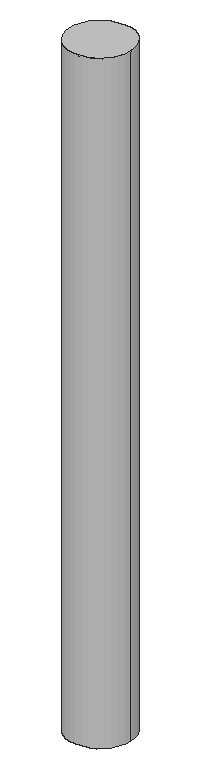
Revit family "Estaca de concreto", category Fundações estruturais, Revit 2019
Family settings
  Material para o comportamento do modelo = Concreto
  Cap = Não
  Com base no plano de trabalho = Não
  Sempre na vertical = Sim
  Corte com vazios quando carregada = Não
  Compartilhado = Sim
Parameters (values of type "Diâmetro de 600 mm")
  Structural Material [instance] = Concreto - Moldado in loco
  Raio = Diâmetro / 2  # 300 mm
  Emblocamento mínimo [instance] = 100 mm
  Diâmetro = 600 mm
  Linear [instance] = 6000 mm
Reference planes
  plane 1 "Centro (Frente/Trás)": y = 0
  plane 2: z = 0
  plane 3 "Centro (Esquerda/Direita)": x = 0
  plane 4: z = 100
  plane 5: z = -6000
Forms (mm)
  Extrusion 1, solid, material "Concreto - Moldado in loco" <- "Structural Material"
    sketch origin (0, 0, 0) x (1, 0, 0) y (0, 1, 0)
      loop
        circle (0, 0) r 300
    from -6000 to 100
Dimensions and locks
  "Emblocamento mínimo": plane 4 to plane 2
  "Linear": plane 2 to plane 5
  "Raio": radius of Extrusion 1 sketch curve
  aligned and locked: plane 2 to level
  aligned and locked: plane 1 "Centro (Frente/Trás)" to Extrusion 1 sketch curve
  aligned and locked: plane 3 "Centro (Esquerda/Direita)" to Extrusion 1 sketch curve
  aligned and locked: Extrusion 1 to plane 5
  aligned and locked: plane 4 to Extrusion 1
